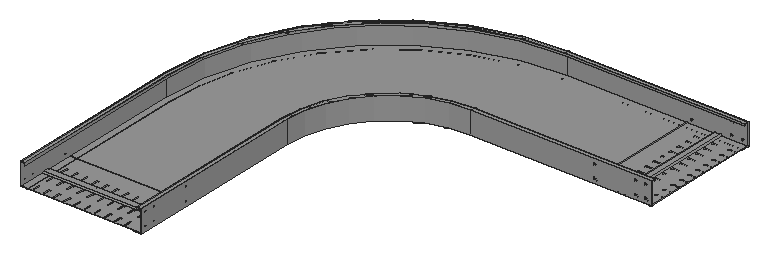
Revit family "Bogen 90 WRB 160 FS", category Generic Models, Revit 2017
Family settings
  Can host rebar = No
  Round Connector Dimension = Use Diameter
  Part Type = Normal
  Work Plane-Based = No
  Always vertical = Yes
  Cut with Voids When Loaded = No
  Shared = No
  Room Calculation Point = No
Parameters (values of type "WRB 90 160 FS")
  URL = "http://www.obo-bettermann.com"
  Material = strip galvanised
  Manufacturer Art.No. = "6098320"
  Manufacturer = "OBO BETTERMANN"
  GTIN = "4012196352098"
  Cut's number 2 = 5
  Cut's number = 2
  Article Type = "WRB 90 160 FS"
Reference planes
  plane 1 "Center (Front/Back)": y = 0
  plane 2: z = 0
  plane 3 "Center (Left/Right)": x = 0
  plane 4: x = 1396.5
  plane 5: x = 1096.5
  plane 6: x = 1246.5
  plane 7: x = 1231.5
  plane 8: x = 1261.5
  plane 9: z = 6.5
  plane 10: y = 593
  plane 11: x = 1396.5
  plane 12: y = -1396.5
  plane 13: x = 1396.5
  plane 14: through (1396.5, -1396.5, 1200) normal (-0.7071, -0.7071, 0)
  plane 15: y = -1396.5
  plane 16: y = -1096.5
  plane 17: y = -1246.5
  plane 18: y = -1231.5
  plane 19: y = -1261.5
  plane 20: z = 6.5
  plane 21: z = 1.5
  plane 22: z = -1.5
  plane 23: z = 108.5
  plane 24: z = 107
  plane 25: z = 101.274
  plane 26: y = -1371.5
  plane 27: x = -297.422
  plane 28: x = -282.422
  plane 29: x = -312.422
  plane 30: y = -1371.5
  plane 31: x = -247.422
  plane 32: x = -232.422
  plane 33: x = -262.422
  plane 34: y = -1371.5
  plane 35: x = -197.422
  plane 36: x = -182.422
  plane 37: x = -212.422
  plane 38: y = -1371.5
  plane 39: x = -147.422
  plane 40: x = -132.422
  plane 41: x = -162.422
  plane 42: y = -1371.5
  plane 43: x = -97.422
  plane 44: x = -82.422
  plane 45: x = -112.422
  plane 46: y = -1371.5
  plane 47: x = -347.422
  plane 48: x = -332.422
  plane 49: x = -362.422
  plane 50: y = -1371.5
  plane 51: x = -397.422
  plane 52: x = -382.422
  plane 53: x = -412.422
  plane 54: y = -1371.5
  plane 55: x = -447.422
  plane 56: x = -432.422
  plane 57: x = -462.422
  plane 58: y = -1371.5
  plane 59: x = -497.422
  plane 60: x = -482.422
  plane 61: x = -512.422
  plane 62: y = -1371.5
  plane 63: x = -547.422
  plane 64: x = -532.422
  plane 65: x = -562.422
  plane 66: y = -1371.5
  plane 67: x = -297.422
  plane 68: x = -282.422
  plane 69: x = -312.422
  plane 70: y = -1291.5
  plane 71: x = -297.422
  plane 72: x = -282.422
  plane 73: x = -312.422
  plane 74: y = -1291.5
  plane 75: x = -247.422
  plane 76: x = -232.422
  plane 77: x = -262.422
  plane 78: y = -1291.5
  plane 79: x = -197.412
  plane 80: x = -182.412
  plane 81: x = -212.412
  plane 82: y = -1291.5
  plane 83: x = -147.422
  plane 84: x = -132.422
  plane 85: x = -162.422
  plane 86: y = -1291.5
  plane 87: x = -97.422
  plane 88: x = -82.422
  plane 89: x = -112.422
  plane 90: y = -1291.5
  plane 91: x = -347.422
  plane 92: x = -332.422
  plane 93: x = -362.422
  plane 94: y = -1291.5
  plane 95: x = -397.422
  plane 96: x = -382.422
  plane 97: x = -412.422
  plane 98: y = -1291.5
  plane 99: x = -447.422
  plane 100: x = -432.422
  plane 101: x = -462.422
  plane 102: y = -1291.5
  plane 103: x = -497.422
  plane 104: x = -482.422
  plane 105: x = -512.422
  plane 106: y = -1291.5
  plane 107: x = -547.422
  plane 108: x = -532.422
  plane 109: x = -562.422
  plane 110: y = -1201.5
  plane 111: x = -297.422
  plane 112: x = -282.422
  plane 113: x = -312.422
  plane 114: y = -1201.5
  plane 115: x = -247.422
  plane 116: x = -232.422
  plane 117: x = -262.422
  plane 118: y = -1201.5
  plane 119: x = -197.422
  plane 120: x = -182.422
  plane 121: x = -212.422
  plane 122: y = -1201.5
  plane 123: x = -147.422
  plane 124: x = -132.422
  plane 125: x = -162.422
  plane 126: y = -1201.5
  plane 127: x = -97.422
  plane 128: x = -82.422
  plane 129: x = -112.422
  plane 130: y = -1201.5
  plane 131: x = -347.422
  plane 132: x = -332.422
  plane 133: x = -362.422
  plane 134: y = -1201.5
  plane 135: x = -397.422
  plane 136: x = -382.422
  plane 137: x = -412.422
  plane 138: y = -1201.5
  plane 139: x = -447.422
  plane 140: x = -432.422
  plane 141: x = -462.422
  plane 142: y = -1201.5
  plane 143: x = -497.422
  plane 144: x = -482.422
  plane 145: x = -512.422
  plane 146: y = -1201.5
  plane 147: x = -547.422
  plane 148: x = -532.422
  plane 149: x = -562.422
  plane 150: x = 1371.5
  plane 151: y = 297
  plane 152: y = 322
  plane 153: x = 1371.5
  plane 154: y = 347
  plane 155: y = 372
  plane 156: x = 1371.5
  plane 157: y = 397
  plane 158: y = 422
  plane 159: x = 1371.5
  plane 160: y = 447
  plane 161: y = 472
  plane 162: x = 1371.5
  plane 163: y = 497
  plane 164: y = 522
  plane 165: x = 1371.5
  plane 166: y = 247
  plane 167: y = 272
  plane 168: x = 1371.5
  plane 169: y = 197
  plane 170: y = 222
  plane 171: x = 1371.5
  plane 172: y = 147
  plane 173: y = 172
  plane 174: x = 1371.5
  plane 175: y = 97
  plane 176: y = 122
  plane 177: x = 1371.5
  plane 178: y = 47
  plane 179: y = 72
  plane 180: x = 1371.5
  plane 181: y = 297
  plane 182: y = 322
  plane 183: x = 1291.5
  plane 184: y = 297
  plane 185: y = 322
  plane 186: x = 1291.5
  plane 187: y = 347
  plane 188: y = 372
  plane 189: x = 1291.5
  plane 190: y = 397
  plane 191: y = 422
  plane 192: x = 1291.5
  plane 193: y = 447
  plane 194: y = 472
  plane 195: x = 1291.5
  plane 196: y = 497
  plane 197: y = 522
  plane 198: x = 1291.5
  plane 199: y = 247
  plane 200: y = 272
  plane 201: x = 1291.5
  plane 202: y = 197
  plane 203: y = 222
  plane 204: x = 1291.5
  plane 205: y = 147
  plane 206: y = 172
  plane 207: x = 1291.5
  plane 208: y = 97
  plane 209: y = 122
  plane 210: x = 1291.5
  plane 211: y = 47
  plane 212: y = 72
  plane 213: x = 1201.5
  plane 214: y = 297
  plane 215: y = 322
  plane 216: x = 1201.5
  plane 217: y = 347
  plane 218: y = 372
  plane 219: x = 1201.5
  plane 220: y = 397
  plane 221: y = 422
  plane 222: x = 1201.5
  plane 223: y = 447
  plane 224: y = 472
  plane 225: x = 1201.5
  plane 226: y = 497
  plane 227: y = 522
  plane 228: x = 1201.5
  plane 229: y = 247
  plane 230: y = 272
  plane 231: x = 1201.5
  plane 232: y = 197
  plane 233: y = 222
  plane 234: x = 1201.5
  plane 235: y = 147
  plane 236: y = 172
  plane 237: x = 1201.5
  plane 238: y = 97
  plane 239: y = 122
  plane 240: x = 1201.5
  plane 241: y = 47
  plane 242: y = 72
  plane 243: y = -1371.5
  plane 244: z = 86
  plane 245: y = -1371.5
  plane 246: z = 21
  plane 247: y = -1321.5
  plane 248: z = 86
  plane 249: y = -1321.5
  plane 250: z = 21
  plane 251: y = -1121.5
  plane 252: z = 86
  plane 253: y = -1121.5
  plane 254: z = 21
  plane 255: y = -1371.5
  plane 256: z = 86
  plane 257: y = -1371.5
  plane 258: z = 21
  plane 259: y = -1371.5
  plane 260: z = 86
  plane 261: y = -1321.5
  plane 262: z = 86
  plane 263: y = -1321.5
  plane 264: z = 21
  plane 265: y = -1121.5
  plane 266: z = 86
  plane 267: y = -1121.5
  plane 268: z = 21
  plane 269: x = 1371.5
  plane 270: z = 86
  plane 271: x = 1371.5
  plane 272: z = 21
  plane 273: x = 1321.5
  plane 274: z = 86
  plane 275: x = 1321.5
  plane 276: z = 21
  plane 277: x = 1121.5
  plane 278: z = 86
  plane 279: x = 1121.5
  plane 280: z = 21
  plane 281: x = 1371.5
  plane 282: z = 86
  plane 283: x = 1371.5
  plane 284: z = 21
  plane 285: x = 1321.5
  plane 286: z = 86
  plane 287: x = 1321.5
  plane 288: z = 21
  plane 289: x = 1121.5
  plane 290: z = 86
  plane 291: x = 1121.5
  plane 292: z = 21
Forms (mm)
  Extrusion 1, solid, material "strip galvanised" <- "Material"
    sketch origin (0, 0, 0) x (1, 0, 0) y (0, 0, 1)
      loop
        line (1396.5, 0) -> (1396.5, 1.5) -> (1265.253, 1.5) -> (1262.366, 6.5) -> (1230.634, 6.5) -> (1227.747, 1.5) -> (1096.5, 1.5) -> (1096.5, 0) -> (1228.613, 0) -> (1231.5, 5) -> (1261.5, 5) -> (1264.387, 0) -> (1396.5, 0)
    from 0 to -593
  Extrusion 2, solid, material "strip galvanised" <- "Material"
    sketch origin (0, 0, 0) x (0, -1, 0) y (0, 0, -1)
      loop
        line (1396.5, 0) -> (1264.387, 0) -> (1261.5, -5) -> (1231.5, -5) -> (1228.613, 0) -> (1096.5, 0) -> (1096.5, -1.5) -> (1227.747, -1.5) -> (1230.634, -6.5) -> (1262.366, -6.5) -> (1265.253, -1.5) -> (1396.5, -1.5) -> (1396.5, 0)
    from 0 to -593
  Extrusion 3, solid, material "strip galvanised"
    sketch origin (0, 0, 0) x (1, 0, 0) y (0, 1, 0)
      loop
        line (503.5, 0) -> (1096.5, 0) -> (1096.5, 593) -> (503.5, 593)
        arc (503.5, 593) -> (-271.843, 271.843) -> (-593, -503.5) r 1096.5
        line (-593, -503.5) -> (-593, -1096.5) -> (0, -1096.5) -> (0, -503.5)
        arc (0, -503.5) -> (147.472, -147.472) -> (503.5, 0) r 503.5
    from 0 to 1.5
  Extrusion 4, solid, material "strip galvanised" <- "Material"
    sketch origin (0, 0, 0) x (1, 0, 0) y (0, 1, 0)
      loop
        line (1396.5, 593) -> (503.5, 593)
        arc (503.5, 593) -> (398.757, 587.986) -> (294.972, 572.989) r 1096.5
        arc (294.972, 572.989) -> (-230.202, 311.358) -> (-545.295, -183.59) r 1096.5
        arc (-545.295, -183.59) -> (-581.013, -348.345) -> (-593, -516.5) r 1185.448
        line (-593, -516.5) -> (-593, -1396.5) -> (-558, -1396.5) -> (-558, -516.5)
        arc (-558, -516.5) -> (-546.381, -353.408) -> (-511.759, -193.611) r 1150.448
        arc (-511.759, -193.611) -> (-206.708, 285.415) -> (301.628, 538.628) r 1061.5
        arc (301.628, 538.628) -> (402.1, 553.146) -> (503.5, 558) r 1061.5
        line (503.5, 558) -> (1396.5, 558) -> (1396.5, 593)
      loop
        line (1396.5, 0) -> (1396.5, 35) -> (503.5, 35)
        arc (503.5, 35) -> (122.723, -122.723) -> (-35, -503.5) r 538.5
        line (-35, -503.5) -> (-35, -1396.5) -> (0, -1396.5) -> (0, -503.5)
        arc (0, -503.5) -> (147.472, -147.472) -> (503.5, 0) r 503.5
        line (503.5, 0) -> (1396.5, 0)
    from 0 to -1.5
  Extrusion 5, solid, material "strip galvanised" <- "Material"
    sketch origin (0, 0, 0) x (1, 0, 0) y (0, 1, 0)
      loop
        line (1396.5, 593) -> (1396.5, 594.5) -> (503.5, 594.5)
        arc (503.5, 594.5) -> (-272.903, 272.903) -> (-594.5, -503.5) r 1098
        line (-594.5, -503.5) -> (-594.5, -1396.5) -> (-593, -1396.5) -> (-593, -503.5)
        arc (-593, -503.5) -> (-271.843, 271.843) -> (503.5, 593) r 1096.5
        line (503.5, 593) -> (1396.5, 593)
      loop
        line (1396.5, 0) -> (503.5, 0)
        arc (503.5, 0) -> (147.472, -147.472) -> (0, -503.5) r 503.5
        line (0, -503.5) -> (0, -1396.5) -> (1.5, -1396.5) -> (1.5, -503.5)
        arc (1.5, -503.5) -> (148.532, -148.532) -> (503.5, -1.5) r 502
        line (503.5, -1.5) -> (1396.5, -1.5) -> (1396.5, 0)
    from -1.5 to 108.5
  Extrusion 6, solid, material "strip galvanised" <- "Material"
    sketch origin (0, 0, 0) x (1, 0, 0) y (0, 1, 0)
      loop
        line (-593, -1396.5) -> (-574.5, -1396.5) -> (-574.5, -516.5)
        arc (-574.5, -516.5) -> (-512.282, -149.26) -> (-332.572, 176.991) r 1114.915
        arc (-332.572, 176.991) -> (40.621, 470.064) -> (503.5, 574.5) r 1078
        line (503.5, 574.5) -> (1396.5, 574.5) -> (1396.5, 593) -> (503.5, 593)
        arc (503.5, 593) -> (32.628, 486.748) -> (-346.989, 188.584) r 1096.5
        arc (-346.989, 188.584) -> (-529.731, -143.115) -> (-593, -516.5) r 1133.415
        line (-593, -516.5) -> (-593, -1396.5)
      loop
        line (1396.5, 0) -> (1396.5, 20) -> (503.5, 20)
        arc (503.5, 20) -> (133.33, -133.33) -> (-20, -503.5) r 523.5
        line (-20, -503.5) -> (-20, -1396.5) -> (0, -1396.5) -> (0, -511.5)
        arc (0, -511.5) -> (0.376, -488.04) -> (1.505, -464.605) r 731.58
        arc (1.505, -464.605) -> (161.5, -133.976) -> (503.5, 0) r 503.5
        line (503.5, 0) -> (1396.5, 0)
    from 107 to 108.5
  Extrusion 7, solid, material "strip galvanised" <- "Material"
    sketch origin (0, 0, 0) x (1, 0, 0) y (0, 1, 0)
      loop
        line (1396.5, 574.5) -> (503.422, 574.5)
        arc (503.422, 574.5) -> (47.839, 473.5) -> (-322.374, 189.425) r 1078
        arc (-322.374, 189.425) -> (-509.509, -134.702) -> (-574.5, -503.285) r 1077.665
        line (-574.5, -503.285) -> (-574.5, -1396.5) -> (-572.922, -1396.5) -> (-572.922, -503.285)
        arc (-572.922, -503.285) -> (-508.021, -135.215) -> (-321.147, 188.461) r 1076.165
        arc (-321.147, 188.461) -> (40.098, 468.153) -> (484.807, 572.838) r 1076.5
        arc (484.807, 572.838) -> (500.987, 573.256) -> (517.169, 573) r 388.105
        line (517.169, 573) -> (1396.5, 573) -> (1396.5, 574.5)
      loop
        line (-20, -1396.5) -> (-20, -503.5)
        arc (-20, -503.5) -> (133.33, -133.33) -> (503.5, 20) r 523.5
        line (503.5, 20) -> (1396.5, 20) -> (1396.5, 21.5) -> (503.5, 21.5)
        arc (503.5, 21.5) -> (132.269, -132.269) -> (-21.5, -503.5) r 525
        line (-21.5, -503.5) -> (-21.5, -1396.5) -> (-20, -1396.5)
    from 97.392 to 107
  Extrusion 8, void
    sketch origin (0, 0, 0) x (1, 0, 0) y (0, 1, 0)
      loop
        line (-285.922, -1355.5) -> (-285.922, -1387.5) -> (-278.922, -1387.5) -> (-278.922, -1355.5) -> (-285.922, -1355.5)
    from -1.5 to 1.5
  Extrusion 9, void
    sketch origin (50, 0, 0) x (1, 0, 0) y (0, 1, 0)
      loop
        line (-285.922, -1355.5) -> (-285.922, -1387.5) -> (-278.922, -1387.5) -> (-278.922, -1355.5) -> (-285.922, -1355.5)
    from -1.5 to 1.5
  Extrusion 10, void
    sketch origin (100, 0, 0) x (1, 0, 0) y (0, 1, 0)
      loop
        line (-285.922, -1355.5) -> (-285.922, -1387.5) -> (-278.922, -1387.5) -> (-278.922, -1355.5) -> (-285.922, -1355.5)
    from -1.5 to 1.5
  Extrusion 11, void
    sketch origin (150, 0, 0) x (1, 0, 0) y (0, 1, 0)
      loop
        line (-285.922, -1355.5) -> (-285.922, -1387.5) -> (-278.922, -1387.5) -> (-278.922, -1355.5) -> (-285.922, -1355.5)
    from -1.5 to 1.5
  Extrusion 12, void
    sketch origin (200, 0, 0) x (1, 0, 0) y (0, 1, 0)
      loop
        line (-285.922, -1355.5) -> (-285.922, -1387.5) -> (-278.922, -1387.5) -> (-278.922, -1355.5) -> (-285.922, -1355.5)
    from -1.5 to 1.5
  Extrusion 13, void
    sketch origin (-50, 0, 0) x (1, 0, 0) y (0, 1, 0)
      loop
        line (-285.922, -1355.5) -> (-285.922, -1387.5) -> (-278.922, -1387.5) -> (-278.922, -1355.5) -> (-285.922, -1355.5)
    from -1.5 to 1.5
  Extrusion 14, void
    sketch origin (-100, 0, 0) x (1, 0, 0) y (0, 1, 0)
      loop
        line (-285.922, -1355.5) -> (-285.922, -1387.5) -> (-278.922, -1387.5) -> (-278.922, -1355.5) -> (-285.922, -1355.5)
    from -1.5 to 1.5
  Extrusion 15, void
    sketch origin (-150, 0, 0) x (1, 0, 0) y (0, 1, 0)
      loop
        line (-285.922, -1355.5) -> (-285.922, -1387.5) -> (-278.922, -1387.5) -> (-278.922, -1355.5) -> (-285.922, -1355.5)
    from -1.5 to 1.5
  Extrusion 16, void
    sketch origin (-200, 0, 0) x (1, 0, 0) y (0, 1, 0)
      loop
        line (-285.922, -1355.5) -> (-285.922, -1387.5) -> (-278.922, -1387.5) -> (-278.922, -1355.5) -> (-285.922, -1355.5)
    from -1.5 to 1.5
  Extrusion 17, void
    sketch origin (-250, 0, 0) x (1, 0, 0) y (0, 1, 0)
      loop
        line (-285.922, -1355.5) -> (-285.922, -1387.5) -> (-278.922, -1387.5) -> (-278.922, -1355.5) -> (-285.922, -1355.5)
    from -1.5 to 1.5
  Extrusion 18, void, not visible
    sketch origin (0, 0, 0) x (1, 0, 0) y (0, 1, 0)
      loop
        line (-285.922, -1355.5) -> (-285.922, -1387.5) -> (-278.922, -1387.5) -> (-278.922, -1355.5) -> (-285.922, -1355.5)
    from 0 to 250
  Extrusion 19, void
    sketch origin (0, 80, 0) x (1, 0, 0) y (0, 1, 0)
      loop
        line (-285.922, -1355.5) -> (-285.922, -1387.5) -> (-278.922, -1387.5) -> (-278.922, -1355.5) -> (-285.922, -1355.5)
    from -1.5 to 1.5
  Extrusion 20, void
    sketch origin (50, 80, 0) x (1, 0, 0) y (0, 1, 0)
      loop
        line (-285.922, -1355.5) -> (-285.922, -1387.5) -> (-278.922, -1387.5) -> (-278.922, -1355.5) -> (-285.922, -1355.5)
    from -1.5 to 1.5
  Extrusion 21, void
    sketch origin (100.01, 80, 95.848) x (1, 0, 0) y (0, 1, 0)
      loop
        line (-285.922, -1355.5) -> (-285.922, -1387.5) -> (-278.922, -1387.5) -> (-278.922, -1355.5) -> (-285.922, -1355.5)
    from -94.348 to -97.348
  Extrusion 22, void
    sketch origin (150, 80, 0) x (1, 0, 0) y (0, 1, 0)
      loop
        line (-285.922, -1355.5) -> (-285.922, -1387.5) -> (-278.922, -1387.5) -> (-278.922, -1355.5) -> (-285.922, -1355.5)
    from -1.5 to 1.5
  Extrusion 23, void
    sketch origin (200, 80, 0) x (1, 0, 0) y (0, 1, 0)
      loop
        line (-285.922, -1355.5) -> (-285.922, -1387.5) -> (-278.922, -1387.5) -> (-278.922, -1355.5) -> (-285.922, -1355.5)
    from -1.5 to 1.5
  Extrusion 24, void
    sketch origin (-50, 80, 0) x (1, 0, 0) y (0, 1, 0)
      loop
        line (-285.922, -1355.5) -> (-285.922, -1387.5) -> (-278.922, -1387.5) -> (-278.922, -1355.5) -> (-285.922, -1355.5)
    from -1.5 to 1.5
  Extrusion 25, void
    sketch origin (-100, 80, 0) x (1, 0, 0) y (0, 1, 0)
      loop
        line (-285.922, -1355.5) -> (-285.922, -1387.5) -> (-278.922, -1387.5) -> (-278.922, -1355.5) -> (-285.922, -1355.5)
    from -1.5 to 1.5
  Extrusion 26, void
    sketch origin (-150, 80, 0) x (1, 0, 0) y (0, 1, 0)
      loop
        line (-285.922, -1355.5) -> (-285.922, -1387.5) -> (-278.922, -1387.5) -> (-278.922, -1355.5) -> (-285.922, -1355.5)
    from -1.5 to 1.5
  Extrusion 27, void
    sketch origin (-200, 80, 0) x (1, 0, 0) y (0, 1, 0)
      loop
        line (-285.922, -1355.5) -> (-285.922, -1387.5) -> (-278.922, -1387.5) -> (-278.922, -1355.5) -> (-285.922, -1355.5)
    from -1.5 to 1.5
  Extrusion 28, void
    sketch origin (-250, 80, 0) x (1, 0, 0) y (0, 1, 0)
      loop
        line (-285.922, -1355.5) -> (-285.922, -1387.5) -> (-278.922, -1387.5) -> (-278.922, -1355.5) -> (-285.922, -1355.5)
    from -1.5 to 1.5
  Extrusion 29, void
    sketch origin (0, 170, 0) x (1, 0, 0) y (0, 1, 0)
      loop
        line (-285.922, -1355.5) -> (-285.922, -1387.5) -> (-278.922, -1387.5) -> (-278.922, -1355.5) -> (-285.922, -1355.5)
    from -1.5 to 1.5
  Extrusion 30, void
    sketch origin (50, 170, 0) x (1, 0, 0) y (0, 1, 0)
      loop
        line (-285.922, -1355.5) -> (-285.922, -1387.5) -> (-278.922, -1387.5) -> (-278.922, -1355.5) -> (-285.922, -1355.5)
    from -1.5 to 1.5
  Extrusion 31, void
    sketch origin (100, 170, 0) x (1, 0, 0) y (0, 1, 0)
      loop
        line (-285.922, -1355.5) -> (-285.922, -1387.5) -> (-278.922, -1387.5) -> (-278.922, -1355.5) -> (-285.922, -1355.5)
    from 0 to 1.5
  Extrusion 32, void
    sketch origin (150, 170, 0) x (1, 0, 0) y (0, 1, 0)
      loop
        line (-285.922, -1355.5) -> (-285.922, -1387.5) -> (-278.922, -1387.5) -> (-278.922, -1355.5) -> (-285.922, -1355.5)
    from -1.5 to 1.5
  Extrusion 33, void
    sketch origin (200, 170, 0) x (1, 0, 0) y (0, 1, 0)
      loop
        line (-285.922, -1355.5) -> (-285.922, -1387.5) -> (-278.922, -1387.5) -> (-278.922, -1355.5) -> (-285.922, -1355.5)
    from -1.5 to 1.5
  Extrusion 34, void
    sketch origin (-50, 170, 0) x (1, 0, 0) y (0, 1, 0)
      loop
        line (-285.922, -1355.5) -> (-285.922, -1387.5) -> (-278.922, -1387.5) -> (-278.922, -1355.5) -> (-285.922, -1355.5)
    from -1.5 to 1.5
  Extrusion 35, void
    sketch origin (-100, 170, 0) x (1, 0, 0) y (0, 1, 0)
      loop
        line (-285.922, -1355.5) -> (-285.922, -1387.5) -> (-278.922, -1387.5) -> (-278.922, -1355.5) -> (-285.922, -1355.5)
    from -1.5 to 1.5
  Extrusion 36, void
    sketch origin (-150, 170, 0) x (1, 0, 0) y (0, 1, 0)
      loop
        line (-285.922, -1355.5) -> (-285.922, -1387.5) -> (-278.922, -1387.5) -> (-278.922, -1355.5) -> (-285.922, -1355.5)
    from -1.5 to 1.5
  Extrusion 37, void
    sketch origin (-200, 170, 0) x (1, 0, 0) y (0, 1, 0)
      loop
        line (-285.922, -1355.5) -> (-285.922, -1387.5) -> (-278.922, -1387.5) -> (-278.922, -1355.5) -> (-285.922, -1355.5)
    from -1.5 to 1.5
  Extrusion 38, void
    sketch origin (-250, 170, 0) x (1, 0, 0) y (0, 1, 0)
      loop
        line (-285.922, -1355.5) -> (-285.922, -1387.5) -> (-278.922, -1387.5) -> (-278.922, -1355.5) -> (-285.922, -1355.5)
    from -1.5 to 1.5
  Extrusion 39, void
    sketch origin (0, 0, 0) x (1, 0, 0) y (0, 1, 0)
      loop
        line (1357.751, 325.5) -> (1357.751, 318.5) -> (1387.5, 318.5) -> (1387.5, 325.5) -> (1357.751, 325.5)
    from -1.5 to 1.5
  Extrusion 40, void
    sketch origin (0, 50, 0) x (1, 0, 0) y (0, 1, 0)
      loop
        line (1357.751, 325.5) -> (1357.751, 318.5) -> (1387.5, 318.5) -> (1387.5, 325.5) -> (1357.751, 325.5)
    from -1.5 to 1.5
  Extrusion 41, void
    sketch origin (0, 100, 0) x (1, 0, 0) y (0, 1, 0)
      loop
        line (1357.751, 325.5) -> (1357.751, 318.5) -> (1387.5, 318.5) -> (1387.5, 325.5) -> (1357.751, 325.5)
    from -1.5 to 1.5
  Extrusion 42, void
    sketch origin (0, 150, 0) x (1, 0, 0) y (0, 1, 0)
      loop
        line (1357.751, 325.5) -> (1357.751, 318.5) -> (1387.5, 318.5) -> (1387.5, 325.5) -> (1357.751, 325.5)
    from -1.5 to 1.5
  Extrusion 43, void
    sketch origin (0, 200, 0) x (1, 0, 0) y (0, 1, 0)
      loop
        line (1357.751, 325.5) -> (1357.751, 318.5) -> (1387.5, 318.5) -> (1387.5, 325.5) -> (1357.751, 325.5)
    from -1.5 to 1.5
  Extrusion 44, void
    sketch origin (0, -50, 0) x (1, 0, 0) y (0, 1, 0)
      loop
        line (1357.751, 325.5) -> (1357.751, 318.5) -> (1387.5, 318.5) -> (1387.5, 325.5) -> (1357.751, 325.5)
    from -1.5 to 1.5
  Extrusion 45, void
    sketch origin (0, -100, 0) x (1, 0, 0) y (0, 1, 0)
      loop
        line (1357.751, 325.5) -> (1357.751, 318.5) -> (1387.5, 318.5) -> (1387.5, 325.5) -> (1357.751, 325.5)
    from -1.5 to 1.5
  Extrusion 46, void
    sketch origin (0, -150, 0) x (1, 0, 0) y (0, 1, 0)
      loop
        line (1357.751, 325.5) -> (1357.751, 318.5) -> (1387.5, 318.5) -> (1387.5, 325.5) -> (1357.751, 325.5)
    from -1.5 to 1.5
  Extrusion 47, void
    sketch origin (0, -200, 0) x (1, 0, 0) y (0, 1, 0)
      loop
        line (1357.751, 325.5) -> (1357.751, 318.5) -> (1387.5, 318.5) -> (1387.5, 325.5) -> (1357.751, 325.5)
    from -1.5 to 1.5
  Extrusion 48, void
    sketch origin (0, -250, 0) x (1, 0, 0) y (0, 1, 0)
      loop
        line (1357.751, 325.5) -> (1357.751, 318.5) -> (1387.5, 318.5) -> (1387.5, 325.5) -> (1357.751, 325.5)
    from -1.5 to 1.5
  Extrusion 49, void, not visible
    sketch origin (0, 0, 0) x (1, 0, 0) y (0, 1, 0)
      loop
        line (1357.751, 325.5) -> (1357.751, 318.5) -> (1387.5, 318.5) -> (1387.5, 325.5) -> (1357.751, 325.5)
    from -1.5 to 1.5
  Extrusion 50, void
    sketch origin (-80, 0, 0) x (1, 0, 0) y (0, 1, 0)
      loop
        line (1357.751, 325.5) -> (1357.751, 318.5) -> (1387.5, 318.5) -> (1387.5, 325.5) -> (1357.751, 325.5)
    from -1.5 to 1.5
  Extrusion 51, void
    sketch origin (-80, 50, 0) x (1, 0, 0) y (0, 1, 0)
      loop
        line (1357.751, 325.5) -> (1357.751, 318.5) -> (1387.5, 318.5) -> (1387.5, 325.5) -> (1357.751, 325.5)
    from -1.5 to 1.5
  Extrusion 52, void
    sketch origin (-80, 100, 0) x (1, 0, 0) y (0, 1, 0)
      loop
        line (1357.751, 325.5) -> (1357.751, 318.5) -> (1387.5, 318.5) -> (1387.5, 325.5) -> (1357.751, 325.5)
    from -1.5 to 1.5
  Extrusion 53, void
    sketch origin (-80, 150, 0) x (1, 0, 0) y (0, 1, 0)
      loop
        line (1357.751, 325.5) -> (1357.751, 318.5) -> (1387.5, 318.5) -> (1387.5, 325.5) -> (1357.751, 325.5)
    from -1.5 to 1.5
  Extrusion 54, void
    sketch origin (-80, 200, 0) x (1, 0, 0) y (0, 1, 0)
      loop
        line (1357.751, 325.5) -> (1357.751, 318.5) -> (1387.5, 318.5) -> (1387.5, 325.5) -> (1357.751, 325.5)
    from -1.5 to 1.5
  Extrusion 55, void
    sketch origin (-80, -50, 0) x (1, 0, 0) y (0, 1, 0)
      loop
        line (1357.751, 325.5) -> (1357.751, 318.5) -> (1387.5, 318.5) -> (1387.5, 325.5) -> (1357.751, 325.5)
    from -1.5 to 1.5
  Extrusion 56, void
    sketch origin (-80, -100, 0) x (1, 0, 0) y (0, 1, 0)
      loop
        line (1357.751, 325.5) -> (1357.751, 318.5) -> (1387.5, 318.5) -> (1387.5, 325.5) -> (1357.751, 325.5)
    from -1.5 to 1.5
  Extrusion 57, void
    sketch origin (-80, -150, 0) x (1, 0, 0) y (0, 1, 0)
      loop
        line (1357.751, 325.5) -> (1357.751, 318.5) -> (1387.5, 318.5) -> (1387.5, 325.5) -> (1357.751, 325.5)
    from -1.5 to 1.5
  Extrusion 58, void
    sketch origin (-80, -200, 0) x (1, 0, 0) y (0, 1, 0)
      loop
        line (1357.751, 325.5) -> (1357.751, 318.5) -> (1387.5, 318.5) -> (1387.5, 325.5) -> (1357.751, 325.5)
    from -1.5 to 1.5
  Extrusion 59, void
    sketch origin (-80, -250, 0) x (1, 0, 0) y (0, 1, 0)
      loop
        line (1357.751, 325.5) -> (1357.751, 318.5) -> (1387.5, 318.5) -> (1387.5, 325.5) -> (1357.751, 325.5)
    from -1.5 to 1.5
  Extrusion 60, void
    sketch origin (-170, 0, 0) x (1, 0, 0) y (0, 1, 0)
      loop
        line (1357.751, 325.5) -> (1357.751, 318.5) -> (1387.5, 318.5) -> (1387.5, 325.5) -> (1357.751, 325.5)
    from -1.5 to 1.5
  Extrusion 61, void
    sketch origin (-170, 50, 0) x (1, 0, 0) y (0, 1, 0)
      loop
        line (1357.751, 325.5) -> (1357.751, 318.5) -> (1387.5, 318.5) -> (1387.5, 325.5) -> (1357.751, 325.5)
    from -1.5 to 1.5
  Extrusion 62, void
    sketch origin (-170, 100, 0) x (1, 0, 0) y (0, 1, 0)
      loop
        line (1357.751, 325.5) -> (1357.751, 318.5) -> (1387.5, 318.5) -> (1387.5, 325.5) -> (1357.751, 325.5)
    from -1.5 to 1.5
  Extrusion 63, void
    sketch origin (-170, 150, 0) x (1, 0, 0) y (0, 1, 0)
      loop
        line (1357.751, 325.5) -> (1357.751, 318.5) -> (1387.5, 318.5) -> (1387.5, 325.5) -> (1357.751, 325.5)
    from -1.5 to 1.5
  Extrusion 64, void
    sketch origin (-170, 200, 0) x (1, 0, 0) y (0, 1, 0)
      loop
        line (1357.751, 325.5) -> (1357.751, 318.5) -> (1387.5, 318.5) -> (1387.5, 325.5) -> (1357.751, 325.5)
    from -1.5 to 1.5
  Extrusion 65, void
    sketch origin (-170, -50, 0) x (1, 0, 0) y (0, 1, 0)
      loop
        line (1357.751, 325.5) -> (1357.751, 318.5) -> (1387.5, 318.5) -> (1387.5, 325.5) -> (1357.751, 325.5)
    from -1.5 to 1.5
  Extrusion 66, void
    sketch origin (-170, -100, 0) x (1, 0, 0) y (0, 1, 0)
      loop
        line (1357.751, 325.5) -> (1357.751, 318.5) -> (1387.5, 318.5) -> (1387.5, 325.5) -> (1357.751, 325.5)
    from -1.5 to 1.5
  Extrusion 67, void
    sketch origin (-170, -150, 0) x (1, 0, 0) y (0, 1, 0)
      loop
        line (1357.751, 325.5) -> (1357.751, 318.5) -> (1387.5, 318.5) -> (1387.5, 325.5) -> (1357.751, 325.5)
    from -1.5 to 1.5
  Extrusion 68, void
    sketch origin (-170, -200, 0) x (1, 0, 0) y (0, 1, 0)
      loop
        line (1357.751, 325.5) -> (1357.751, 318.5) -> (1387.5, 318.5) -> (1387.5, 325.5) -> (1357.751, 325.5)
    from -1.5 to 1.5
  Extrusion 69, void
    sketch origin (-170, -250, 0) x (1, 0, 0) y (0, 1, 0)
      loop
        line (1357.751, 325.5) -> (1357.751, 318.5) -> (1387.5, 318.5) -> (1387.5, 325.5) -> (1357.751, 325.5)
    from -1.5 to 1.5
  Extrusion 70, void
    sketch origin (0, 0, 0) x (0, 1, 0) y (0, 0, 1)
      loop
        line (-1379, 90.5) -> (-1379, 81.5) -> (-1364, 81.5) -> (-1364, 90.5) -> (-1379, 90.5)
    from 0 to 1.5
  Extrusion 71, void
    sketch origin (0, 0, -65) x (0, 1, 0) y (0, 0, 1)
      loop
        line (-1379, 90.5) -> (-1379, 81.5) -> (-1364, 81.5) -> (-1364, 90.5) -> (-1379, 90.5)
    from 0 to 1.5
  Extrusion 72, void
    sketch origin (0, 50, 0) x (0, 1, 0) y (0, 0, 1)
      loop
        line (-1379, 90.5) -> (-1379, 81.5) -> (-1364, 81.5) -> (-1364, 90.5) -> (-1379, 90.5)
    from 0 to 1.5
  Extrusion 73, void
    sketch origin (0, 50, -65) x (0, 1, 0) y (0, 0, 1)
      loop
        line (-1379, 90.5) -> (-1379, 81.5) -> (-1364, 81.5) -> (-1364, 90.5) -> (-1379, 90.5)
    from 0 to 1.5
  Extrusion 74, void
    sketch origin (0, 250, 0) x (0, 1, 0) y (0, 0, 1)
      loop
        line (-1379, 90.5) -> (-1379, 81.5) -> (-1364, 81.5) -> (-1364, 90.5) -> (-1379, 90.5)
    from 0 to 1.5
  Extrusion 75, void
    sketch origin (0, 250, -65) x (0, 1, 0) y (0, 0, 1)
      loop
        line (-1379, 90.5) -> (-1379, 81.5) -> (-1364, 81.5) -> (-1364, 90.5) -> (-1379, 90.5)
    from 0 to 1.5
  Extrusion 76, void
    sketch origin (0, 0, 0) x (0, 1, 0) y (0, 0, 1)
      loop
        line (-1364, 90.5) -> (-1379, 90.5) -> (-1379, 81.5) -> (-1364, 81.5) -> (-1364, 90.5)
    from -594.5 to -593
  Extrusion 77, void
    sketch origin (0, 0, -65) x (0, 1, 0) y (0, 0, 1)
      loop
        line (-1364, 90.5) -> (-1379, 90.5) -> (-1379, 81.5) -> (-1364, 81.5) -> (-1364, 90.5)
    from -594.5 to -593
  Extrusion 78, void, not visible
    sketch origin (0, 0, 0) x (0, 1, 0) y (0, 0, 1)
      loop
        line (-1364, 90.5) -> (-1379, 90.5) -> (-1379, 81.5) -> (-1364, 81.5) -> (-1364, 90.5)
    from -594.5 to -593
  Extrusion 79, void
    sketch origin (0, 50, 0) x (0, 1, 0) y (0, 0, 1)
      loop
        line (-1364, 90.5) -> (-1379, 90.5) -> (-1379, 81.5) -> (-1364, 81.5) -> (-1364, 90.5)
    from -594.5 to -593
  Extrusion 80, void
    sketch origin (0, 50, -65) x (0, 1, 0) y (0, 0, 1)
      loop
        line (-1364, 90.5) -> (-1379, 90.5) -> (-1379, 81.5) -> (-1364, 81.5) -> (-1364, 90.5)
    from -594.5 to -593
  Extrusion 81, void
    sketch origin (0, 250, 0) x (0, 1, 0) y (0, 0, 1)
      loop
        line (-1364, 90.5) -> (-1379, 90.5) -> (-1379, 81.5) -> (-1364, 81.5) -> (-1364, 90.5)
    from -594.5 to -593
  Extrusion 82, void
    sketch origin (0, 250, -65) x (0, 1, 0) y (0, 0, 1)
      loop
        line (-1364, 90.5) -> (-1379, 90.5) -> (-1379, 81.5) -> (-1364, 81.5) -> (-1364, 90.5)
    from -594.5 to -593
  Extrusion 83, void
    sketch origin (0, 0, 0) x (1, 0, 0) y (0, 0, 1)
      loop
        line (1364, 90.5) -> (1364, 81.5) -> (1379, 81.5) -> (1379, 90.5) -> (1364, 90.5)
    from 0 to 1.5
  Extrusion 84, void
    sketch origin (0, 0, -65) x (1, 0, 0) y (0, 0, 1)
      loop
        line (1364, 90.5) -> (1364, 81.5) -> (1379, 81.5) -> (1379, 90.5) -> (1364, 90.5)
    from 0 to 1.5
  Extrusion 85, void
    sketch origin (-50, 0, 0) x (1, 0, 0) y (0, 0, 1)
      loop
        line (1364, 90.5) -> (1364, 81.5) -> (1379, 81.5) -> (1379, 90.5) -> (1364, 90.5)
    from 0 to 1.5
  Extrusion 86, void
    sketch origin (-50, 0, -65) x (1, 0, 0) y (0, 0, 1)
      loop
        line (1364, 90.5) -> (1364, 81.5) -> (1379, 81.5) -> (1379, 90.5) -> (1364, 90.5)
    from 0 to 1.5
  Extrusion 87, void
    sketch origin (-250, 0, 0) x (1, 0, 0) y (0, 0, 1)
      loop
        line (1364, 90.5) -> (1364, 81.5) -> (1379, 81.5) -> (1379, 90.5) -> (1364, 90.5)
    from 0 to 1.5
  Extrusion 88, void
    sketch origin (-250, 0, -65) x (1, 0, 0) y (0, 0, 1)
      loop
        line (1364, 90.5) -> (1364, 81.5) -> (1379, 81.5) -> (1379, 90.5) -> (1364, 90.5)
    from 0 to 1.5
  Extrusion 89, void
    sketch origin (0, 0, 0) x (1, 0, 0) y (0, 0, 1)
      loop
        line (1378.674, 90.539) -> (1363.674, 90.539) -> (1363.674, 81.5) -> (1378.674, 81.5) -> (1378.674, 90.539)
    from -594.5 to -593
  Extrusion 90, void
    sketch origin (0, 0, -65) x (1, 0, 0) y (0, 0, 1)
      loop
        line (1378.674, 90.539) -> (1363.674, 90.539) -> (1363.674, 81.5) -> (1378.674, 81.5) -> (1378.674, 90.539)
    from -594.5 to -593
  Extrusion 91, void
    sketch origin (-50, 0, 0) x (1, 0, 0) y (0, 0, 1)
      loop
        line (1378.674, 90.539) -> (1363.674, 90.539) -> (1363.674, 81.5) -> (1378.674, 81.5) -> (1378.674, 90.539)
    from -594.5 to -593
  Extrusion 92, void
    sketch origin (-50, 0, -65) x (1, 0, 0) y (0, 0, 1)
      loop
        line (1378.674, 90.539) -> (1363.674, 90.539) -> (1363.674, 81.5) -> (1378.674, 81.5) -> (1378.674, 90.539)
    from -594.5 to -593
  Extrusion 93, void
    sketch origin (-250, 0, 0) x (1, 0, 0) y (0, 0, 1)
      loop
        line (1378.674, 90.539) -> (1363.674, 90.539) -> (1363.674, 81.5) -> (1378.674, 81.5) -> (1378.674, 90.539)
    from -594.5 to -593
  Extrusion 94, void
    sketch origin (-250, 0, -65) x (1, 0, 0) y (0, 0, 1)
      loop
        line (1378.674, 90.539) -> (1363.674, 90.539) -> (1363.674, 81.5) -> (1378.674, 81.5) -> (1378.674, 90.539)
    from -594.5 to -593
Cuts and joins
  Extrusion 8, Extrusion 9, Extrusion 10, Extrusion 11, Extrusion 12, Extrusion 13, Extrusion 14, Extrusion 15, Extrusion 16, Extrusion 17, Extrusion 19, Extrusion 20, Extrusion 21, Extrusion 22, Extrusion 23, Extrusion 24, Extrusion 25, Extrusion 26, Extrusion 27, Extrusion 28, Extrusion 29, Extrusion 30, Extrusion 31, Extrusion 32, Extrusion 33, Extrusion 34, Extrusion 35, Extrusion 36, Extrusion 37, Extrusion 38 cuts Extrusion 2
  Extrusion 39, Extrusion 40, Extrusion 41, Extrusion 42, Extrusion 43, Extrusion 44, Extrusion 45, Extrusion 46, Extrusion 47, Extrusion 48, Extrusion 50, Extrusion 51, Extrusion 52, Extrusion 53, Extrusion 54, Extrusion 55, Extrusion 56, Extrusion 57, Extrusion 58, Extrusion 59, Extrusion 60, Extrusion 61, Extrusion 62, Extrusion 63, Extrusion 64, Extrusion 65, Extrusion 66, Extrusion 67, Extrusion 68, Extrusion 69 cuts Extrusion 1
  Extrusion 70, Extrusion 71, Extrusion 72, Extrusion 73, Extrusion 74, Extrusion 75, Extrusion 76, Extrusion 77, Extrusion 79, Extrusion 80, Extrusion 81, Extrusion 82, Extrusion 83, Extrusion 84, Extrusion 85, Extrusion 86, Extrusion 87, Extrusion 88, Extrusion 89, Extrusion 90, Extrusion 91, Extrusion 92, Extrusion 93, Extrusion 94 cuts Extrusion 5
Dimensions and locks
  locked: plane 4 to plane 3 "Center (Left/Right)" at 1396.5
  locked: plane 4 to plane 5 at 300
  locked: plane 9 to level at 6.5
  locked: Extrusion 1 sketch curve to Extrusion 1 sketch curve at 1.5  (x3)
  locked: Extrusion 1 sketch curve to level at 6.5
  locked: Extrusion 1 sketch curve to Extrusion 1 sketch curve at 30
  locked: plane 1 "Center (Front/Back)" to plane 10 at 593
  locked: plane 3 "Center (Left/Right)" to plane 11 at 1396.5
  locked: plane 12 to plane 1 "Center (Front/Back)" at 1396.5
  locked: plane 15 to plane 16 at 300
  locked: Extrusion 2 sketch curve to Extrusion 2 sketch curve at 1.5  (x3)
  locked: Extrusion 2 sketch curve to Extrusion 2 sketch curve at 30
  locked: Extrusion 2 to Extrusion 2 at 593
  locked: Extrusion 3 sketch curve to Extrusion 3 sketch curve at 593  (x2)
  locked: Extrusion 3 sketch curve to plane 12 at 1989.5
  locked: Extrusion 3 sketch curve to plane 13 at 1989.5
  locked: plane 23 to Extrusion 4 at 110
  locked: Extrusion 5 to plane 24 at 1.5
  locked: Extrusion 8 sketch curve to Extrusion 8 sketch curve at 32
  locked: Extrusion 8 sketch curve to Extrusion 8 sketch curve at 7
  locked: plane 26 to Extrusion 8 sketch curve at 16
  Extrusion 8 sketch curve to plane 28 = 3.5 mm
  locked: Extrusion 9 sketch curve to Extrusion 9 sketch curve at 32
  locked: Extrusion 9 sketch curve to Extrusion 9 sketch curve at 7
  locked: plane 30 to Extrusion 9 sketch curve at 16
  Extrusion 9 sketch curve to plane 32 = 3.5 mm
  locked: Extrusion 10 sketch curve to Extrusion 10 sketch curve at 32
  locked: Extrusion 10 sketch curve to Extrusion 10 sketch curve at 7
  locked: plane 34 to Extrusion 10 sketch curve at 16
  Extrusion 10 sketch curve to plane 36 = 3.5 mm
  locked: Extrusion 11 sketch curve to Extrusion 11 sketch curve at 32
  locked: Extrusion 11 sketch curve to Extrusion 11 sketch curve at 7
  locked: plane 38 to Extrusion 11 sketch curve at 16
  Extrusion 11 sketch curve to plane 40 = 3.5 mm
  locked: Extrusion 12 sketch curve to Extrusion 12 sketch curve at 32
  locked: Extrusion 12 sketch curve to Extrusion 12 sketch curve at 7
  locked: plane 42 to Extrusion 12 sketch curve at 16
  Extrusion 12 sketch curve to plane 44 = 3.5 mm
  locked: Extrusion 13 sketch curve to Extrusion 13 sketch curve at 32
  locked: Extrusion 13 sketch curve to Extrusion 13 sketch curve at 7
  locked: plane 46 to Extrusion 13 sketch curve at 16
  Extrusion 13 sketch curve to plane 48 = 3.5 mm
  locked: Extrusion 14 sketch curve to Extrusion 14 sketch curve at 32
  locked: Extrusion 14 sketch curve to Extrusion 14 sketch curve at 7
  locked: plane 50 to Extrusion 14 sketch curve at 16
  Extrusion 14 sketch curve to plane 52 = 3.5 mm
  locked: Extrusion 15 sketch curve to Extrusion 15 sketch curve at 32
  locked: Extrusion 15 sketch curve to Extrusion 15 sketch curve at 7
  locked: plane 54 to Extrusion 15 sketch curve at 16
  Extrusion 15 sketch curve to plane 56 = 3.5 mm
  locked: Extrusion 16 sketch curve to Extrusion 16 sketch curve at 32
  locked: Extrusion 16 sketch curve to Extrusion 16 sketch curve at 7
  locked: plane 58 to Extrusion 16 sketch curve at 16
  Extrusion 16 sketch curve to plane 60 = 3.5 mm
  locked: Extrusion 17 sketch curve to Extrusion 17 sketch curve at 32
  locked: Extrusion 17 sketch curve to Extrusion 17 sketch curve at 7
  locked: plane 62 to Extrusion 17 sketch curve at 16
  Extrusion 17 sketch curve to plane 64 = 3.5 mm
  locked: Extrusion 18 sketch curve to Extrusion 18 sketch curve at 32
  locked: Extrusion 18 sketch curve to Extrusion 18 sketch curve at 7
  locked: plane 66 to Extrusion 18 sketch curve at 16
  Extrusion 18 sketch curve to plane 68 = 3.5 mm
  locked: Extrusion 19 sketch curve to Extrusion 19 sketch curve at 32
  locked: Extrusion 19 sketch curve to Extrusion 19 sketch curve at 7
  locked: plane 70 to Extrusion 19 sketch curve at 16
  Extrusion 19 sketch curve to plane 72 = 3.5 mm
  locked: Extrusion 20 sketch curve to Extrusion 20 sketch curve at 32
  locked: Extrusion 20 sketch curve to Extrusion 20 sketch curve at 7
  locked: plane 74 to Extrusion 20 sketch curve at 16
  Extrusion 20 sketch curve to plane 76 = 3.5 mm
  locked: Extrusion 21 sketch curve to Extrusion 21 sketch curve at 32
  locked: Extrusion 21 sketch curve to Extrusion 21 sketch curve at 7
  locked: plane 78 to Extrusion 21 sketch curve at 16
  Extrusion 21 sketch curve to plane 80 = 3.5 mm
  locked: Extrusion 22 sketch curve to Extrusion 22 sketch curve at 32
  locked: Extrusion 22 sketch curve to Extrusion 22 sketch curve at 7
  locked: plane 82 to Extrusion 22 sketch curve at 16
  Extrusion 22 sketch curve to plane 84 = 3.5 mm
  locked: Extrusion 23 sketch curve to Extrusion 23 sketch curve at 32
  locked: Extrusion 23 sketch curve to Extrusion 23 sketch curve at 7
  locked: plane 86 to Extrusion 23 sketch curve at 16
  Extrusion 23 sketch curve to plane 88 = 3.5 mm
  locked: Extrusion 24 sketch curve to Extrusion 24 sketch curve at 32
  locked: Extrusion 24 sketch curve to Extrusion 24 sketch curve at 7
  locked: plane 90 to Extrusion 24 sketch curve at 16
  Extrusion 24 sketch curve to plane 92 = 3.5 mm
  locked: Extrusion 25 sketch curve to Extrusion 25 sketch curve at 32
  locked: Extrusion 25 sketch curve to Extrusion 25 sketch curve at 7
  locked: plane 94 to Extrusion 25 sketch curve at 16
  Extrusion 25 sketch curve to plane 96 = 3.5 mm
  locked: Extrusion 26 sketch curve to Extrusion 26 sketch curve at 32
  locked: Extrusion 26 sketch curve to Extrusion 26 sketch curve at 7
  locked: plane 98 to Extrusion 26 sketch curve at 16
  Extrusion 26 sketch curve to plane 100 = 3.5 mm
  locked: Extrusion 27 sketch curve to Extrusion 27 sketch curve at 32
  locked: Extrusion 27 sketch curve to Extrusion 27 sketch curve at 7
  locked: plane 102 to Extrusion 27 sketch curve at 16
  Extrusion 27 sketch curve to plane 104 = 3.5 mm
  locked: Extrusion 28 sketch curve to Extrusion 28 sketch curve at 32
  locked: Extrusion 28 sketch curve to Extrusion 28 sketch curve at 7
  locked: plane 106 to Extrusion 28 sketch curve at 16
  Extrusion 28 sketch curve to plane 108 = 3.5 mm
  locked: Extrusion 29 sketch curve to Extrusion 29 sketch curve at 32
  locked: Extrusion 29 sketch curve to Extrusion 29 sketch curve at 7
  locked: plane 110 to Extrusion 29 sketch curve at 16
  Extrusion 29 sketch curve to plane 112 = 3.5 mm
  locked: Extrusion 30 sketch curve to Extrusion 30 sketch curve at 32
  locked: Extrusion 30 sketch curve to Extrusion 30 sketch curve at 7
  locked: plane 114 to Extrusion 30 sketch curve at 16
  Extrusion 30 sketch curve to plane 116 = 3.5 mm
  locked: Extrusion 31 sketch curve to Extrusion 31 sketch curve at 32
  locked: Extrusion 31 sketch curve to Extrusion 31 sketch curve at 7
  locked: plane 118 to Extrusion 31 sketch curve at 16
  Extrusion 31 sketch curve to plane 120 = 3.5 mm
  locked: Extrusion 32 sketch curve to Extrusion 32 sketch curve at 32
  locked: Extrusion 32 sketch curve to Extrusion 32 sketch curve at 7
  locked: plane 122 to Extrusion 32 sketch curve at 16
  Extrusion 32 sketch curve to plane 124 = 3.5 mm
  locked: Extrusion 33 sketch curve to Extrusion 33 sketch curve at 32
  locked: Extrusion 33 sketch curve to Extrusion 33 sketch curve at 7
  locked: plane 126 to Extrusion 33 sketch curve at 16
  Extrusion 33 sketch curve to plane 128 = 3.5 mm
  locked: Extrusion 34 sketch curve to Extrusion 34 sketch curve at 32
  locked: Extrusion 34 sketch curve to Extrusion 34 sketch curve at 7
  locked: plane 130 to Extrusion 34 sketch curve at 16
  Extrusion 34 sketch curve to plane 132 = 3.5 mm
  locked: Extrusion 35 sketch curve to Extrusion 35 sketch curve at 32
  locked: Extrusion 35 sketch curve to Extrusion 35 sketch curve at 7
  locked: plane 134 to Extrusion 35 sketch curve at 16
  Extrusion 35 sketch curve to plane 136 = 3.5 mm
  locked: Extrusion 36 sketch curve to Extrusion 36 sketch curve at 32
  locked: Extrusion 36 sketch curve to Extrusion 36 sketch curve at 7
  locked: plane 138 to Extrusion 36 sketch curve at 16
  Extrusion 36 sketch curve to plane 140 = 3.5 mm
  locked: Extrusion 37 sketch curve to Extrusion 37 sketch curve at 32
  locked: Extrusion 37 sketch curve to Extrusion 37 sketch curve at 7
  locked: plane 142 to Extrusion 37 sketch curve at 16
  Extrusion 37 sketch curve to plane 144 = 3.5 mm
  locked: Extrusion 38 sketch curve to Extrusion 38 sketch curve at 32
  locked: Extrusion 38 sketch curve to Extrusion 38 sketch curve at 7
  locked: plane 146 to Extrusion 38 sketch curve at 16
  Extrusion 38 sketch curve to plane 148 = 3.5 mm
  Extrusion 7 to Extrusion 7 = 551.5 mm
  locked: plane 152 to plane 151 at 25
  Extrusion 39 sketch curve to Extrusion 39 sketch curve = 29.749 mm
  locked: Extrusion 39 sketch curve to Extrusion 39 sketch curve at 7
  locked: plane 150 to Extrusion 39 sketch curve at 16
  locked: plane 152 to Extrusion 39 sketch curve at 3.5
  locked: plane 155 to plane 154 at 25
  Extrusion 40 sketch curve to Extrusion 40 sketch curve = 29.749 mm
  locked: Extrusion 40 sketch curve to Extrusion 40 sketch curve at 7
  locked: plane 153 to Extrusion 40 sketch curve at 16
  locked: plane 155 to Extrusion 40 sketch curve at 3.5
  equal spacing: group 2, group 3, group 4, group 5, group 6  (x3)
  locked: plane 158 to plane 157 at 25
  Extrusion 41 sketch curve to Extrusion 41 sketch curve = 29.749 mm
  locked: Extrusion 41 sketch curve to Extrusion 41 sketch curve at 7
  locked: plane 156 to Extrusion 41 sketch curve at 16
  locked: plane 158 to Extrusion 41 sketch curve at 3.5
  locked: plane 161 to plane 160 at 25
  Extrusion 42 sketch curve to Extrusion 42 sketch curve = 29.749 mm
  locked: Extrusion 42 sketch curve to Extrusion 42 sketch curve at 7
  locked: plane 159 to Extrusion 42 sketch curve at 16
  locked: plane 161 to Extrusion 42 sketch curve at 3.5
  locked: plane 164 to plane 163 at 25
  Extrusion 43 sketch curve to Extrusion 43 sketch curve = 29.749 mm
  locked: Extrusion 43 sketch curve to Extrusion 43 sketch curve at 7
  locked: plane 162 to Extrusion 43 sketch curve at 16
  locked: plane 164 to Extrusion 43 sketch curve at 3.5
  locked: plane 167 to plane 166 at 25
  Extrusion 44 sketch curve to Extrusion 44 sketch curve = 29.749 mm
  locked: Extrusion 44 sketch curve to Extrusion 44 sketch curve at 7
  locked: plane 165 to Extrusion 44 sketch curve at 16
  locked: plane 167 to Extrusion 44 sketch curve at 3.5
  group 2 to group 7 = 0 mm  (x2)
  group 7 to group 2 = 50 mm
  locked: plane 170 to plane 169 at 25
  Extrusion 45 sketch curve to Extrusion 45 sketch curve = 29.749 mm
  locked: Extrusion 45 sketch curve to Extrusion 45 sketch curve at 7
  locked: plane 168 to Extrusion 45 sketch curve at 16
  locked: plane 170 to Extrusion 45 sketch curve at 3.5
  equal spacing: group 7, group 8, group 9, group 10, group 11  (x2)
  equal spacing: group 11, group 10, group 9, group 8, group 7
  locked: plane 173 to plane 172 at 25
  Extrusion 46 sketch curve to Extrusion 46 sketch curve = 29.749 mm
  locked: Extrusion 46 sketch curve to Extrusion 46 sketch curve at 7
  locked: plane 171 to Extrusion 46 sketch curve at 16
  locked: plane 173 to Extrusion 46 sketch curve at 3.5
  locked: plane 176 to plane 175 at 25
  Extrusion 47 sketch curve to Extrusion 47 sketch curve = 29.749 mm
  locked: Extrusion 47 sketch curve to Extrusion 47 sketch curve at 7
  locked: plane 174 to Extrusion 47 sketch curve at 16
  locked: plane 176 to Extrusion 47 sketch curve at 3.5
  locked: plane 179 to plane 178 at 25
  Extrusion 48 sketch curve to Extrusion 48 sketch curve = 29.749 mm
  locked: Extrusion 48 sketch curve to Extrusion 48 sketch curve at 7
  locked: plane 177 to Extrusion 48 sketch curve at 16
  locked: plane 179 to Extrusion 48 sketch curve at 3.5
  locked: plane 182 to plane 181 at 25
  Extrusion 49 sketch curve to Extrusion 49 sketch curve = 29.749 mm
  locked: Extrusion 49 sketch curve to Extrusion 49 sketch curve at 7
  locked: plane 180 to Extrusion 49 sketch curve at 16
  locked: plane 182 to Extrusion 49 sketch curve at 3.5
  locked: plane 185 to plane 184 at 25
  Extrusion 50 sketch curve to Extrusion 50 sketch curve = 29.749 mm
  locked: Extrusion 50 sketch curve to Extrusion 50 sketch curve at 7
  locked: plane 183 to Extrusion 50 sketch curve at 16
  locked: plane 185 to Extrusion 50 sketch curve at 3.5
  locked: plane 188 to plane 187 at 25
  Extrusion 51 sketch curve to Extrusion 51 sketch curve = 29.749 mm
  locked: Extrusion 51 sketch curve to Extrusion 51 sketch curve at 7
  locked: plane 186 to Extrusion 51 sketch curve at 16
  locked: plane 188 to Extrusion 51 sketch curve at 3.5
  equal spacing: group 13, group 14, group 15, group 16, group 17  (x3)
  locked: plane 191 to plane 190 at 25
  Extrusion 52 sketch curve to Extrusion 52 sketch curve = 29.749 mm
  locked: Extrusion 52 sketch curve to Extrusion 52 sketch curve at 7
  locked: plane 189 to Extrusion 52 sketch curve at 16
  locked: plane 191 to Extrusion 52 sketch curve at 3.5
  locked: plane 194 to plane 193 at 25
  Extrusion 53 sketch curve to Extrusion 53 sketch curve = 29.749 mm
  locked: Extrusion 53 sketch curve to Extrusion 53 sketch curve at 7
  locked: plane 192 to Extrusion 53 sketch curve at 16
  locked: plane 194 to Extrusion 53 sketch curve at 3.5
  locked: plane 197 to plane 196 at 25
  Extrusion 54 sketch curve to Extrusion 54 sketch curve = 29.749 mm
  locked: Extrusion 54 sketch curve to Extrusion 54 sketch curve at 7
  locked: plane 195 to Extrusion 54 sketch curve at 16
  locked: plane 197 to Extrusion 54 sketch curve at 3.5
  locked: plane 200 to plane 199 at 25
  Extrusion 55 sketch curve to Extrusion 55 sketch curve = 29.749 mm
  locked: Extrusion 55 sketch curve to Extrusion 55 sketch curve at 7
  locked: plane 198 to Extrusion 55 sketch curve at 16
  locked: plane 200 to Extrusion 55 sketch curve at 3.5
  group 13 to group 18 = 0 mm  (x2)
  group 18 to group 13 = 50 mm
  locked: plane 203 to plane 202 at 25
  Extrusion 56 sketch curve to Extrusion 56 sketch curve = 29.749 mm
  locked: Extrusion 56 sketch curve to Extrusion 56 sketch curve at 7
  locked: plane 201 to Extrusion 56 sketch curve at 16
  locked: plane 203 to Extrusion 56 sketch curve at 3.5
  equal spacing: group 18, group 19, group 20, group 21, group 22  (x2)
  equal spacing: group 22, group 21, group 20, group 19, group 18
  locked: plane 206 to plane 205 at 25
  Extrusion 57 sketch curve to Extrusion 57 sketch curve = 29.749 mm
  locked: Extrusion 57 sketch curve to Extrusion 57 sketch curve at 7
  locked: plane 204 to Extrusion 57 sketch curve at 16
  locked: plane 206 to Extrusion 57 sketch curve at 3.5
  locked: plane 209 to plane 208 at 25
  Extrusion 58 sketch curve to Extrusion 58 sketch curve = 29.749 mm
  locked: Extrusion 58 sketch curve to Extrusion 58 sketch curve at 7
  locked: plane 207 to Extrusion 58 sketch curve at 16
  locked: plane 209 to Extrusion 58 sketch curve at 3.5
  locked: plane 212 to plane 211 at 25
  Extrusion 59 sketch curve to Extrusion 59 sketch curve = 29.749 mm
  locked: Extrusion 59 sketch curve to Extrusion 59 sketch curve at 7
  locked: plane 210 to Extrusion 59 sketch curve at 16
  locked: plane 212 to Extrusion 59 sketch curve at 3.5
  locked: plane 215 to plane 214 at 25
  Extrusion 60 sketch curve to Extrusion 60 sketch curve = 29.749 mm
  locked: Extrusion 60 sketch curve to Extrusion 60 sketch curve at 7
  locked: plane 213 to Extrusion 60 sketch curve at 16
  locked: plane 215 to Extrusion 60 sketch curve at 3.5
  locked: plane 218 to plane 217 at 25
  Extrusion 61 sketch curve to Extrusion 61 sketch curve = 29.749 mm
  locked: Extrusion 61 sketch curve to Extrusion 61 sketch curve at 7
  locked: plane 216 to Extrusion 61 sketch curve at 16
  locked: plane 218 to Extrusion 61 sketch curve at 3.5
  equal spacing: group 24, group 25, group 26, group 27, group 28  (x3)
  locked: plane 221 to plane 220 at 25
  Extrusion 62 sketch curve to Extrusion 62 sketch curve = 29.749 mm
  locked: Extrusion 62 sketch curve to Extrusion 62 sketch curve at 7
  locked: plane 219 to Extrusion 62 sketch curve at 16
  locked: plane 221 to Extrusion 62 sketch curve at 3.5
  locked: plane 224 to plane 223 at 25
  Extrusion 63 sketch curve to Extrusion 63 sketch curve = 29.749 mm
  locked: Extrusion 63 sketch curve to Extrusion 63 sketch curve at 7
  locked: plane 222 to Extrusion 63 sketch curve at 16
  locked: plane 224 to Extrusion 63 sketch curve at 3.5
  locked: plane 227 to plane 226 at 25
  Extrusion 64 sketch curve to Extrusion 64 sketch curve = 29.749 mm
  locked: Extrusion 64 sketch curve to Extrusion 64 sketch curve at 7
  locked: plane 225 to Extrusion 64 sketch curve at 16
  locked: plane 227 to Extrusion 64 sketch curve at 3.5
  locked: plane 230 to plane 229 at 25
  Extrusion 65 sketch curve to Extrusion 65 sketch curve = 29.749 mm
  locked: Extrusion 65 sketch curve to Extrusion 65 sketch curve at 7
  locked: plane 228 to Extrusion 65 sketch curve at 16
  locked: plane 230 to Extrusion 65 sketch curve at 3.5
  group 24 to group 29 = 0 mm  (x2)
  group 29 to group 24 = 50 mm
  locked: plane 233 to plane 232 at 25
  Extrusion 66 sketch curve to Extrusion 66 sketch curve = 29.749 mm
  locked: Extrusion 66 sketch curve to Extrusion 66 sketch curve at 7
  locked: plane 231 to Extrusion 66 sketch curve at 16
  locked: plane 233 to Extrusion 66 sketch curve at 3.5
  equal spacing: group 29, group 30, group 31, group 32, group 33  (x2)
  equal spacing: group 33, group 32, group 31, group 30, group 29
  locked: plane 236 to plane 235 at 25
  Extrusion 67 sketch curve to Extrusion 67 sketch curve = 29.749 mm
  locked: Extrusion 67 sketch curve to Extrusion 67 sketch curve at 7
  locked: plane 234 to Extrusion 67 sketch curve at 16
  locked: plane 236 to Extrusion 67 sketch curve at 3.5
  locked: plane 239 to plane 238 at 25
  Extrusion 68 sketch curve to Extrusion 68 sketch curve = 29.749 mm
  locked: Extrusion 68 sketch curve to Extrusion 68 sketch curve at 7
  locked: plane 237 to Extrusion 68 sketch curve at 16
  locked: plane 239 to Extrusion 68 sketch curve at 3.5
  locked: plane 242 to plane 241 at 25
  Extrusion 69 sketch curve to Extrusion 69 sketch curve = 29.749 mm
  locked: Extrusion 69 sketch curve to Extrusion 69 sketch curve at 7
  locked: plane 240 to Extrusion 69 sketch curve at 16
  locked: plane 242 to Extrusion 69 sketch curve at 3.5
  group 34 to group 23 = 90 mm
  group 23 to group 34 = 0 mm  (x2)
  locked: Extrusion 70 sketch curve to Extrusion 70 sketch curve at 15
  locked: Extrusion 70 sketch curve to Extrusion 70 sketch curve at 9
  locked: plane 244 to Extrusion 70 sketch curve at 4.5
  locked: Extrusion 70 sketch curve to plane 243 at 7.5
  locked: Extrusion 71 sketch curve to Extrusion 71 sketch curve at 15
  locked: Extrusion 71 sketch curve to Extrusion 71 sketch curve at 9
  locked: plane 246 to Extrusion 71 sketch curve at 4.5
  locked: Extrusion 71 sketch curve to plane 245 at 7.5
  locked: Extrusion 72 sketch curve to Extrusion 72 sketch curve at 15
  locked: Extrusion 72 sketch curve to Extrusion 72 sketch curve at 9
  locked: plane 248 to Extrusion 72 sketch curve at 4.5
  locked: Extrusion 72 sketch curve to plane 247 at 7.5
  locked: Extrusion 73 sketch curve to Extrusion 73 sketch curve at 15
  locked: Extrusion 73 sketch curve to Extrusion 73 sketch curve at 9
  locked: plane 250 to Extrusion 73 sketch curve at 4.5
  locked: Extrusion 73 sketch curve to plane 249 at 7.5
  locked: Extrusion 74 sketch curve to Extrusion 74 sketch curve at 15
  locked: Extrusion 74 sketch curve to Extrusion 74 sketch curve at 9
  locked: plane 252 to Extrusion 74 sketch curve at 4.5
  locked: Extrusion 74 sketch curve to plane 251 at 7.5
  locked: Extrusion 75 sketch curve to Extrusion 75 sketch curve at 15
  locked: Extrusion 75 sketch curve to Extrusion 75 sketch curve at 9
  locked: plane 254 to Extrusion 75 sketch curve at 4.5
  locked: Extrusion 75 sketch curve to plane 253 at 7.5
  group 35 to group 36 = 0 mm  (x2)
  group 36 to group 35 = 65 mm
  group 39 to group 40 = 0 mm  (x2)
  group 40 to group 39 = 65 mm
  group 37 to group 41 = 0 mm  (x2)
  group 37 to group 41 = 50 mm
  group 42 to group 43 = 0 mm  (x2)
  group 43 to group 42 = 65 mm
  group 41 to group 44 = 0 mm  (x2)
  group 41 to group 44 = 200 mm
  locked: Extrusion 83 sketch curve to Extrusion 83 sketch curve at 9
  locked: Extrusion 83 sketch curve to Extrusion 83 sketch curve at 15
  locked: Extrusion 83 sketch curve to plane 270 at 4.5
  locked: plane 269 to Extrusion 83 sketch curve at 7.5
  locked: Extrusion 84 sketch curve to Extrusion 84 sketch curve at 9
  locked: Extrusion 84 sketch curve to Extrusion 84 sketch curve at 15
  locked: Extrusion 84 sketch curve to plane 272 at 4.5
  locked: plane 271 to Extrusion 84 sketch curve at 7.5
  locked: Extrusion 85 sketch curve to Extrusion 85 sketch curve at 9
  locked: Extrusion 85 sketch curve to Extrusion 85 sketch curve at 15
  locked: Extrusion 85 sketch curve to plane 274 at 4.5
  locked: plane 273 to Extrusion 85 sketch curve at 7.5
  locked: Extrusion 86 sketch curve to Extrusion 86 sketch curve at 9
  locked: Extrusion 86 sketch curve to Extrusion 86 sketch curve at 15
  locked: Extrusion 86 sketch curve to plane 276 at 4.5
  locked: plane 275 to Extrusion 86 sketch curve at 7.5
  locked: Extrusion 87 sketch curve to Extrusion 87 sketch curve at 9
  locked: Extrusion 87 sketch curve to Extrusion 87 sketch curve at 15
  locked: Extrusion 87 sketch curve to plane 278 at 4.5
  locked: plane 277 to Extrusion 87 sketch curve at 7.5
  locked: Extrusion 88 sketch curve to Extrusion 88 sketch curve at 9
  locked: Extrusion 88 sketch curve to Extrusion 88 sketch curve at 15
  locked: Extrusion 88 sketch curve to plane 280 at 4.5
  locked: plane 279 to Extrusion 88 sketch curve at 7.5
  group 46 to group 45 = 200 mm
  group 45 to group 46 = 0 mm  (x2)
  locked: Extrusion 89 sketch curve to Extrusion 89 sketch curve at 9.039
  locked: Extrusion 89 sketch curve to Extrusion 89 sketch curve at 15
  locked: plane 281 to Extrusion 89 sketch curve at 7.174
